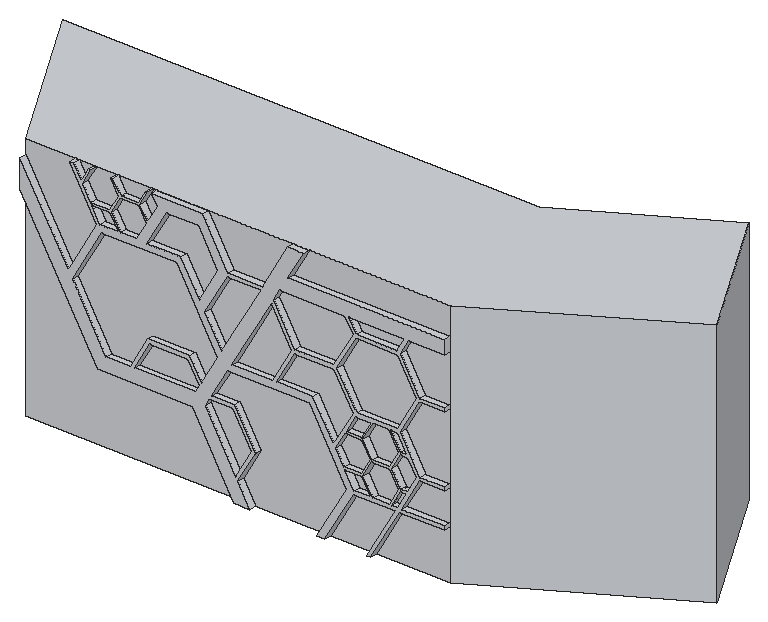
Revit family "reception desk", category Furniture, Revit 2012
Reference planes (in)
  plane 1 "Center Front/Back": y = 0
  plane 2: z = 0
  plane 3 "Center Left/Right": x = 0
Forms (in)
  Extrusion 1, solid
    sketch origin (-4.5, 0, 0) x (1, 0, 0) y (0, 1, 0)
      loop
        line (4.85641, 0) -> (66.43078, 0) -> (92.78461, 15.21539) -> (80.78461, 36) -> (60, 24) -> (-9, 24) -> (4.85641, 0)
    from 0 to 36
  Extrusion 2, solid
    sketch origin (-2.80003, 1.19106, 0) x (1, 0, 0) y (0, 1, 0)
      loop
        line (3.15643, -1.19106) -> (3.15643, -2.19106) -> (64.66525, -2.19106) -> (64.66525, -1.19106) -> (3.15643, -1.19106)
    from 0 to 36
  Extrusion 3, void
    sketch origin (-126.55003, 0, 0) x (1, 0, 0) y (0, 0, 1)
      loop
        line (189.16525, 32.00308) -> (189.16525, 36) -> (168.04813, 36) -> (165.7405, 32.00308) -> (189.16525, 32.00308)
      loop
        line (151.86412, 10.46847) -> (138.16773, 10.46847) -> (123.42709, 36) -> (113.05003, 36) -> (113.05003, 0) -> (157.90809, 0) -> (151.86412, 10.46847)
      loop
        line (173.95919, 30.00308) -> (164.5858, 30.00308) -> (163.64762, 28.3781) -> (166.72042, 23.05586) -> (172.38821, 23.05586) -> (175.17919, 27.88998) -> (173.95919, 30.00308)
      loop
        line (157.58155, 17.87135) -> (163.43847, 17.87135) -> (166.28741, 22.80586) -> (163.35895, 27.8781) -> (157.58155, 17.87135)
      loop
        line (160.21749, 0) -> (169.95319, 0) -> (174.29089, 7.51312) -> (168.88791, 16.87135) -> (157.0042, 16.87135) -> (154.64019, 12.77677) -> (157.97978, 12.77677) -> (161.01845, 7.51363) -> (158.44898, 3.06316) -> (160.21749, 0)
      loop
        line (171.10789, 0) -> (177.15488, 0) -> (181.32859, 7.22907) -> (175.2816, 7.22907) -> (171.10789, 0)
      loop
        line (189.36719, 23.05586) -> (189.36719, 30.00308) -> (183.20646, 30.00308) -> (181.99837, 27.91061) -> (184.80126, 23.05586) -> (189.36719, 23.05586)
      loop
        line (173.80943, 10.27888) -> (176.37498, 10.27888) -> (177.67204, 12.52545) -> (176.37498, 14.77202) -> (174.0397, 14.77202) -> (172.6275, 12.32603) -> (173.80943, 10.27888)
      loop
        line (184.84375, 12.81751) -> (189.41151, 12.81751) -> (189.41151, 22.55586) -> (184.7964, 22.55586) -> (182.00885, 17.72769) -> (184.84375, 12.81751)
      loop
        line (181.57727, 17.98017) -> (184.36582, 22.81008) -> (181.57727, 27.63998) -> (175.6122, 27.63998) -> (172.82365, 22.81008) -> (175.6122, 17.98017) -> (181.57727, 17.98017)
      loop
        line (182.19461, 7.72907) -> (189.79804, 7.72907) -> (189.28269, 12.31751) -> (184.84375, 12.31751) -> (182.19461, 7.72907)
      loop
        line (166.72042, 22.55586) -> (164.01582, 17.87135) -> (169.3512, 17.87135) -> (172.31131, 12.74429) -> (175.18455, 17.72089) -> (172.39307, 22.55586) -> (166.72042, 22.55586)
      loop
        line (177.78796, 17.48017) -> (175.60325, 17.48017) -> (174.19558, 15.04202) -> (176.38029, 15.04202) -> (177.78796, 17.48017)
      loop
        line (184.41074, 12.56751) -> (183.13796, 14.77202) -> (182.03087, 14.77202) -> (180.73381, 12.52545) -> (182.03087, 10.27888) -> (183.08939, 10.27888) -> (184.41074, 12.56751)
      loop
        line (181.61726, 7.72907) -> (182.93351, 10.00888) -> (182.03087, 10.00888) -> (180.71462, 7.72907) -> (181.61726, 7.72907)
      loop
        line (175.28156, 7.72907) -> (177.69123, 7.72907) -> (176.37498, 10.00888) -> (173.96531, 10.00888) -> (175.28156, 7.72907)
      loop
        line (178.08911, 17.48017) -> (176.60615, 14.91162) -> (177.90587, 12.66045) -> (180.49998, 12.66045) -> (181.79704, 14.90702) -> (180.31143, 17.48017) -> (178.08911, 17.48017)
      loop
        line (177.90587, 12.39045) -> (176.60881, 10.14388) -> (178.003, 7.72907) -> (180.40285, 7.72907) -> (181.79704, 10.14388) -> (180.49998, 12.39045) -> (177.90587, 12.39045)
      loop
        line (182.03087, 15.04202) -> (182.98208, 15.04202) -> (181.57441, 17.48017) -> (180.6232, 17.48017) -> (182.03087, 15.04202)
      loop
        line (160.4411, 7.51363) -> (157.6911, 12.27677) -> (154.35151, 12.27677) -> (153.7405, 11.21847) -> (158.1603, 3.56316) -> (160.4411, 7.51363)
      loop
        line (175.6122, 28.13998) -> (181.55345, 28.13998) -> (182.62911, 30.00308) -> (174.53654, 30.00308) -> (175.6122, 28.13998)
      loop
        line (181.90594, 7.22907) -> (177.73223, 0) -> (188.99037, 0) -> (189.50572, 7.22907) -> (181.90594, 7.22907)
      loop
        line (156.11744, 19.12135) -> (161.89485, 29.1281) -> (157.03793, 29.1281) -> (153.68898, 23.32756) -> (156.11744, 19.12135)
      loop
        line (139.32243, 12.46847) -> (142.85946, 12.46847) -> (145.42894, 16.91894) -> (151.50629, 16.91894) -> (153.17609, 14.02677) -> (155.54009, 18.12135) -> (149.59824, 28.41295) -> (138.79228, 28.41295) -> (134.45458, 20.89983) -> (139.32243, 12.46847)
      loop
        line (133.87723, 21.89983) -> (138.05094, 29.1289) -> (134.08391, 36) -> (125.7365, 36) -> (133.87723, 21.89983)
      loop
        line (141.42824, 29.37887) -> (143.79208, 29.37887) -> (145.20427, 31.82486) -> (144.03663, 33.84728) -> (141.44252, 33.84728) -> (140.14546, 31.60071) -> (141.42824, 29.37887)
      loop
        line (153.35911, 36) -> (157.03793, 29.6281) -> (162.05991, 29.6281) -> (165.73873, 36) -> (153.35911, 36)
      loop
        line (155.60491, 29.3781) -> (152.76859, 34.29076) -> (148.18564, 34.29076) -> (145.3124, 29.31417) -> (150.23262, 29.31417) -> (152.90031, 24.69359) -> (155.60491, 29.3781)
      loop
        line (145.92086, 36) -> (145.43008, 36) -> (144.2678, 33.98688) -> (145.36016, 32.09486) -> (146.76782, 34.53301) -> (145.92086, 36)
      loop
        line (138.48397, 29.37887) -> (141.11647, 29.37887) -> (139.91163, 31.46571) -> (137.27913, 31.46571) -> (138.48397, 29.37887)
      loop
        line (145.12893, 36) -> (140.3192, 36) -> (141.40619, 34.11728) -> (144.04194, 34.11728) -> (145.12893, 36)
      loop
        line (141.20869, 33.98228) -> (140.04376, 36) -> (137.18539, 36) -> (135.92333, 33.81404) -> (137.12325, 31.73571) -> (139.91163, 31.73571) -> (141.20869, 33.98228)
      loop
        line (135.76744, 34.08404) -> (136.87362, 36) -> (134.66126, 36) -> (135.76744, 34.08404)
      loop
        line (145.71762, 16.41894) -> (143.43681, 12.46847) -> (152.2764, 12.46847) -> (152.88741, 13.52677) -> (151.21762, 16.41894) -> (145.71762, 16.41894)
    from 0 to 3
Cuts and joins
  Extrusion 3 cuts Extrusion 2
Dimensions and locks (in)
  aligned and locked: level to plane 2
